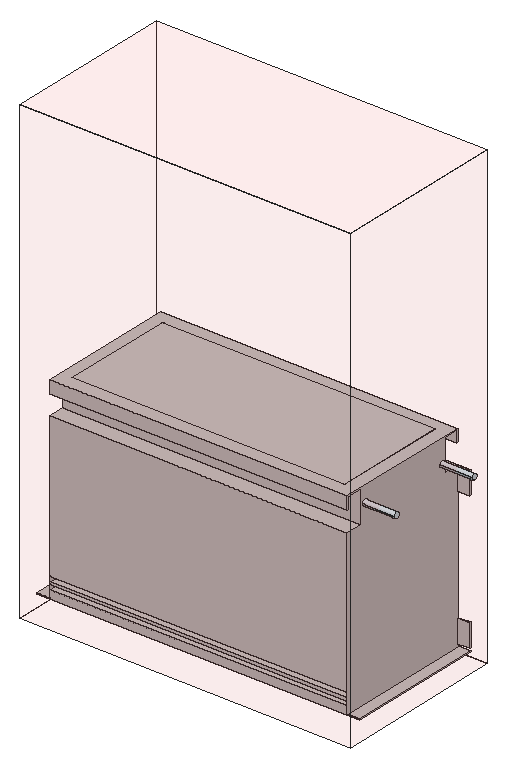
Revit family "Air-Curtain_Vestibule-Except_PoweredAire_ETA-HWST", category Mechanical Equipment, host Face, Revit 2020
Family settings
  Host = Face
  Round Connector Dimension = Use Diameter
  Part Type = Normal
  OmniClass Number = 23.75.35.17.21
  OmniClass Title = Air Curtains
  Cut with Voids When Loaded = No
  Shared = No
  Room Calculation Point = No
Parameters
  upperrotation [instance] = if(Upper Pipe Connection Side A, 0.00°, 180.00°)  # 0.00°
  lowerrotation [instance] = if(Lower Pipe Connection Side A, 0.00°, 180.00°)  # 0.00°
  locateupperpipe [instance] = if(Upper Pipe Connection Side A, 0' 0", Nozzle Width)  # 0' - 0"
  locatelowerpipe [instance] = if(Lower Pipe Connection Side A, 0' 0", Nozzle Width)  # 0' - 0"
  Warranty Duration (Years) = 0
  Upper Pipe Connection Side A [instance] = yes
  Unit Width Notes = "Other Widths available."  # constant formula
  Unit Width = 3' - 3"
  Unit Weight = 0
  Unit Height = 1' - 4 3/4"
  Unit Depth [instance] = if(Include Filters, 2' 1 7/8", 1' 11 3/4")  # 1' - 11 3/4"
  URL = "http://www.poweredaire.com/"
  Test Data = ""
  Standards Conformance = "as Specified"
  Specification = "http://www.arcat.com/sdspecs/htm04/23_34_33pai.htm"
  SpecWizard = ""
  Sound Pressure = "as Specified"
  Sales Information = "http://www.poweredaire.com/contact_us"
  Revision = "R1_2016-08"
  Projection from Host [instance] = 0' - 2"
  Product Properties = ""
  Product Data = "http://www.arcat.com/arcatcos/cos47/arc47623.html"
  Power Rating = 0 W
  Piping_Water Flow [instance] = 0 GPM
  Piping_Operating Pressure [instance] = 0.00 psi
  Piping_Exit Temperature [instance] = 0 °F
  Piping_Entry Temperature [instance] = 0 °F
  Pipe OD [instance] = 5/8"
  Nozzle Width = if(1 = 1, Unit Width - 0' 3", 0' 0")  # 3' - 0"
  Mounting Width = if(1 = 1, Unit Width - 0' 1 1/2", 0' 0")  # 3' - 1 1/2"
  Mounting Height [instance] = 3' - 6"
  Motor RPM = 0
  Motor HP = 0
  Motor Count = 0
  Model = "As Specified"
  Max Height = 0' - 0"
  Manufacturer Website = "http://www.poweredaire.com/"
  Manufacturer Phone - Toll Free = "888-321-2473"
  Manufacturer Phone = "724-588-3305"
  Manufacturer Fax = "724-588-3371"
  Manufacturer Address = "109 Mortensen Rd.  Greenville, PA 16125"
  Manufacturer = "Powered Aire, Inc"
  Maintenance Schedule (Months) = 0
  Lower Pipe Connection Side A [instance] = yes
  Keynote = "23 34 33"
  Installation-Fabrication = ""
  Installation Phase = ""
  Include Filters [instance] = no
  Include Clearance [instance] = yes
  Heating Element Load = 0 W
  HVAC_Temperature Rise = 0 °F
  HVAC_Outlet Volume = 0 CFM
  HVAC_Outlet Velocity Uniformity = 0
  HVAC_Outlet Velocity = 0 FPM
  HVAC_BTU Input = 0.0 Btu/h
  Green Building-LEED = "http://www.arcat.com/green/clients/leed_data_47623.html"
  Front Grating Material [instance] = Metal - Steel - PoweredAire - Stainless 304 Perforated
  Frame Finish [instance] = Metal - Steel - PoweredAire - Stainless 304
  Expected Lifespan (Years) = 0
  Electrical_Wattage [instance] = Power Rating + Heating Element Load  # 0 W
  Electrical_Voltage [instance] = 0 V
  Electrical_Phase [instance] = 1
  Electrical_Frequency [instance] = 0 Hz
  Electrical_Amperage [instance] = 0 A
  Drawn By = "Sumex Design, Inc. / Robert S. Weygant, CSI, CDT, SCIP"
  Description = "Powered Aire Air Curtain as Specified"
  Default Elevation = 0' - 0"  # constant formula
  Copyright = "©Arcat Inc."
  Construction Details = "http://www.arcat.com/details/powair/prod3336.html"
  Clearance_Top [instance] = 0' - 2"
  Clearance_Side B [instance] = 0' - 0 1/2"
  Clearance_Side A [instance] = 0' - 0 1/2"
  Clearance_Intake [instance] = 2' - 6"
  Clearance_Bottom [instance] = 0' - 2"
  Clearance Material [instance] = ARCAT Clearance
  Building Codes = ""
  Available Options [instance] = "as Specified"
  Assembly Code = "D3090400"
Reference planes (in)
  plane 1 "Center (Elevation)": y = 0.13818
  plane 2: z = 0
  plane 3 "Center (Left/Right)": x = 0
  plane 4: y = 8.51318
  plane 5: y = -8.23682
  plane 6: x = -19.5
  plane 7: x = 19.5
  plane 8: z = 25.75
  plane 9 "FF": y = -41.86182
  plane 10: z = 2
  plane 11: x = 18
  plane 12: x = -18
  plane 13: y = 10.51318
  plane 14: y = -10.23682
  plane 15: x = -20
  plane 16: x = 20
  plane 17: z = 55.75
  plane 18: x = 17.9375
  plane 19: x = -17.9375
  plane 20: x = 18
  plane 21: x = 18
  plane 22: y = 6.01318
  plane 23: y = -5.73682
Forms (in)
  Extrusion 1, solid, material "Metal - Steel - PoweredAire - Stainless 304" <- "Frame Finish"
    sketch origin (0, 0, 0) x (0, 1, 0) y (0, 0, 1)
      loop
        line (-8.23682, 2) -> (8.51318, 2) -> (8.51318, 21.8125) -> (6.51318, 21.8125) -> (6.51318, 25.625) -> (8.38818, 25.625) -> (8.38818, 24.25) -> (8.51318, 24.25) -> (8.51318, 25.75) -> (-8.23682, 25.75) -> (-8.23682, 24.25) -> (-8.11182, 24.25) -> (-8.11182, 25.625) -> (-6.23682, 25.625) -> (-6.23682, 21.8125) -> (-8.23682, 21.8125) -> (-8.23682, 2)
    from -18 to 18
  Extrusion 2, solid, material "ARCAT Clearance" <- "Clearance Material", visible <- "Include Clearance"
    sketch origin (0, 0, 0) x (0, 1, 0) y (0, 0, 1)
      loop
        line (-10.23682, 55.75) -> (-10.23682, 0) -> (10.51318, 0) -> (10.51318, 55.75) -> (-10.23682, 55.75)
    from -20 to 20
  Extrusion 3, solid, material "Metal - Steel - PoweredAire - Stainless 304" <- "Frame Finish"
    sketch origin (-15.17702, -180, 2) x (-1, 0, 0) y (0, -1, 0)
      loop
        line (-33.17702, -188.51318) -> (-33.17702, -171.76318) -> (-34.67702, -171.76318) -> (-34.67702, -188.51318) -> (-33.17702, -188.51318)
      loop
        line (2.82298, -188.51318) -> (4.32298, -188.51318) -> (4.32298, -171.76318) -> (2.82298, -171.76318) -> (2.82298, -188.51318)
    from 0 to 0.125
  Extrusion 4, solid, material "Metal - Steel - PoweredAire - Stainless 304" <- "Frame Finish"
    sketch origin (-11.83813, 8.51318, 48) x (-1, 0, 0) y (0, 0, 1)
      loop
        line (-29.83813, -45.5) -> (-29.83813, -42.75) -> (-31.33813, -42.75) -> (-31.33813, -45.5) -> (-29.83813, -45.5)
      loop
        line (-29.83813, -28.9375) -> (-29.83813, -26.1875) -> (-31.33813, -26.1875) -> (-31.33813, -28.9375) -> (-29.83813, -28.9375)
      loop
        line (6.16187, -45.5) -> (7.66187, -45.5) -> (7.66187, -42.75) -> (6.16187, -42.75) -> (6.16187, -45.5)
      loop
        line (6.16187, -28.9375) -> (7.66187, -28.9375) -> (7.66187, -26.1875) -> (6.16187, -26.1875) -> (6.16187, -28.9375)
    from 0 to -0.125
  Extrusion 5, void
    sketch origin (0, 0, 0) x (0, 1, 0) y (0, 0, 1)
      loop
        line (-8.23682, 3) -> (-7.23682, 3) -> (-7.23682, 4.5) -> (-8.23682, 4.5) -> (-8.23682, 3.82425) -> (-7.38364, 3.82425) -> (-7.38364, 3.57425) -> (-8.23682, 3.57425) -> (-8.23682, 3)
    from -17.9375 to 17.9375
  Extrusion 6, solid, material "Metal - Steel - PoweredAire - Stainless 304 Perforated" <- "Front Grating Material"
    sketch origin (0, -8.23682, 25.75) x (0, 1, 0) y (-1, 0, 0)
      loop
        line (15.25, 16.5) -> (1.5, 16.5) -> (1.5, -16.5) -> (15.25, -16.5) -> (15.25, 16.5)
    from 0 to 0.03125
  Sweep 7, solid
    path origin (18, 6.01318, 0) x (1, 0, 0) y (0, 1, 0)
      loop
        line (0, 0) -> (4, 0)
    profile origin (20, 6.01318, 0) x (0, 1, 0) y (0, 0, 1)
      loop
        circle (0, 23) r 0.3125
  Sweep 8, solid
    path origin (18, -5.73682, 0) x (1, 0, 0) y (0, 1, 0)
      loop
        line (0, 0) -> (4, 0)
    profile origin (20, -5.73682, 0) x (0, 1, 0) y (0, 0, 1)
      loop
        circle (0, 24) r 0.3125
Cuts and joins
  Extrusion 5 cuts Extrusion 1
Lines and regions (in)
  reference lines
    curve 1: line (18, 6.01318, 0) -> (22.75, 6.01318, 0)
    curve 2: line (18, -5.73682, 0) -> (23.75, -5.73682, 0)
Dimensions and locks (in)
  equal spacing: plane 4, plane 1 "Center (Elevation)", plane 5
  "Unit Height": plane 4 to plane 5
  equal spacing: plane 6, plane 3 "Center (Left/Right)", plane 7
  "Unit Width": plane 6 to plane 7
  "Mounting Height": plane 1 "Center (Elevation)" to plane 9 "FF"
  "Projection from Host": plane 10 to level
  "Unit Depth": plane 8 to plane 10
  locked: plane 6 to plane 12 at 1.5
  locked: plane 11 to plane 7 at 1.5
  "Clearance_Side A": plane 7 to plane 16
  "Clearance_Side B": plane 15 to plane 6
  "Clearance_Top": plane 13 to plane 4
  "Clearance_Bottom": plane 5 to plane 14
  "Clearance_Intake": plane 17 to plane 8
  plane 5 to Extrusion 1 sketch curve to Extrusion 1 sketch curve = 0' - 0 1/8" locked, 0' - 1 7/8" locked
  Extrusion 1 sketch curve to Extrusion 1 sketch curve to plane 4 = 0' - 1 7/8" locked, 0' - 0 1/8" locked
  Extrusion 4 sketch curve to Extrusion 4 sketch curve to Extrusion 4 sketch curve to Extrusion 4 sketch curve to plane 10 = 0' - 2 3/4" locked, 1' - 1 13/16" locked, 0' - 2 3/4" locked, 0' - 0 1/2" locked
  Extrusion 4 sketch curve to Extrusion 4 sketch curve to Extrusion 4 sketch curve to Extrusion 4 sketch curve = 0' - 2 3/4" locked, 1' - 1 13/16" locked, 0' - 2 3/4" locked
  locked: Extrusion 4 sketch curve to plane 10 at 0.5
  plane 8 to Extrusion 1 sketch curve to Extrusion 1 sketch curve = 0' - 0 1/8" locked, 0' - 1 3/8" locked  (x2)
  locked: Extrusion 1 sketch curve to plane 10 at 19.8125  (x2)
  Extrusion 5 sketch curve to Extrusion 5 sketch curve to Extrusion 5 sketch curve to Extrusion 5 sketch curve to plane 10 = 0' - 0.67575" locked, 0' - 0 1/4" locked, 0' - 0.57425" locked, 0' - 1" locked
  plane 5 to Extrusion 5 sketch curve to Extrusion 5 sketch curve = 0' - 0.85319" locked, 0' - 0.14681" locked
  locked: plane 19 to plane 12 at 0.0625
  locked: plane 11 to plane 18 at 0.0625
  locked: plane 4 to Extrusion 6 sketch curve at 1.5
  locked: Extrusion 6 sketch curve to plane 5 at 1.5
  locked: Extrusion 6 sketch curve to plane 11 at 1.5
  locked: plane 12 to Extrusion 6 sketch curve at 1.5
  "locateupperpipe": plane 20 to plane 11
  "locatelowerpipe": plane 21 to plane 11
  locked: plane 4 to plane 22 at 2.5
  locked: plane 23 to plane 5 at 2.5
  locked: curve 1 to Sweep 7 sketch curve at 4
  locked: curve 1 to Sweep 7 sketch curve
  locked: Sweep 7 sketch curve to plane 10 at 21
  locked: curve 2 to Sweep 8 sketch curve at 4
  locked: curve 2 to Sweep 8 sketch curve
  locked: Sweep 8 sketch curve to plane 10 at 22
  "upperrotation": angle plane 22 to curve 1
  "lowerrotation": angle plane 23 to curve 2
  aligned and locked: plane 2 to host face
  aligned and locked: level to host face
  aligned and locked: Extrusion 2 sketch curve to plane 17
  aligned and locked: plane 14 to Extrusion 2 sketch curve
  aligned and locked: level to Extrusion 2 sketch curve
  aligned and locked: Extrusion 2 sketch curve to plane 13
  aligned and locked: plane 16 to Extrusion 2
  aligned and locked: Extrusion 2 to plane 15
  aligned and locked: plane 11 to Extrusion 1
  aligned and locked: Extrusion 1 to plane 12
  aligned and locked: plane 21 to curve 2
  aligned and locked: plane 23 to curve 2
  aligned and locked: plane 22 to curve 1
  aligned and locked: plane 20 to curve 1
Automatic sketch dimensions
  host sketch curve to host sketch curve = 8' - 0"  (x2)
  Extrusion 1 sketch curve to plane 5 = 0' - 0"  (x2)
  Extrusion 1 sketch curve to plane 4 = 0' - 0"  (x2)
  Extrusion 1 sketch curve to plane 10 = 0' - 0"
  Extrusion 1 sketch curve to plane 8 = 0' - 0"
  plane 4 to Extrusion 3 sketch curve = 0' - 0"
  Extrusion 3 sketch curve to plane 7 = 0' - 0"
  plane 5 to Extrusion 3 sketch curve = 0' - 0"
  Extrusion 3 sketch curve to plane 11 = 0' - 0"
  Extrusion 3 sketch curve to plane 4 = 0' - 0"
  Extrusion 3 sketch curve to plane 12 = 0' - 0"
  Extrusion 3 sketch curve to plane 6 = 0' - 0"
  Extrusion 3 sketch curve to plane 5 = 0' - 0"
  Extrusion 4 sketch curve to plane 7 = 0' - 0"  (x2)
  Extrusion 4 sketch curve to plane 11 = 0' - 0"  (x2)
  Extrusion 4 sketch curve to plane 12 = 0' - 0"  (x2)
  Extrusion 4 sketch curve to plane 6 = 0' - 0"  (x2)
  Extrusion 5 sketch curve to plane 5 = 0' - 0"  (x2)
  Sweep 7 sketch curve to profile plane = 0' - 0"
  Sweep 8 sketch curve to profile plane = 0' - 0"
  radius of Sweep 7 sketch curve = 0' - 0 5/16"
  radius of Sweep 8 sketch curve = 0' - 0 5/16"
Connectors (in)
  piping at (22, 6.01318, 23), diameter 0.625, driven by "Pipe OD", driven by "Piping_Water Flow"
    settings: on Sweep 7, index 1, connector inside diameter 24", connector length 0' - 0", flow factor 0, pipe flow 0 GPM, pressure drop 0.00 psi, fitting loss kfactor 0, connector angle 0.00°, fixture units 0, engagement length 0' - 0", angle of deflection 0.00°, flow configuration 0, flow direction 0, fitting loss method 0, system type 29, joint type 0, gender type 0, connector reference index -1, connector utility 0, adjustable connector no, is connector primary yes, connector description "Define Supply or Return and Location"
  piping at (22, -5.73682, 24), diameter 0.625, driven by "Pipe OD", driven by "Piping_Water Flow"
    settings: on Sweep 8, index 2, connector inside diameter 24", connector length 0' - 0", flow factor 0, pipe flow 0 GPM, pressure drop 0.00 psi, fitting loss kfactor 0, connector angle 0.00°, fixture units 0, engagement length 0' - 0", angle of deflection 0.00°, flow configuration 0, flow direction 0, fitting loss method 0, system type 29, joint type 0, gender type 0, connector reference index -1, connector utility 0, adjustable connector no, is connector primary no, connector description "Define Supply or Return and Location"
  electrical at (-18, 0.13818, 21.39062), driven by "Electrical_Voltage", driven by "Electrical_Phase"
    settings: on cut or joined group of Extrusion 1, Extrusion 5, index 3, voltage 0 V, apparent load 0 VA, apparent load phase1 0 VA, apparent load phase2 0 VA, apparent load phase3 0 VA, power factor 1, load classification "Motor", number of poles 1, system type 31, power factor state 1, is connector primary yes, connector utility no, sub classification motor no, connector description ""
